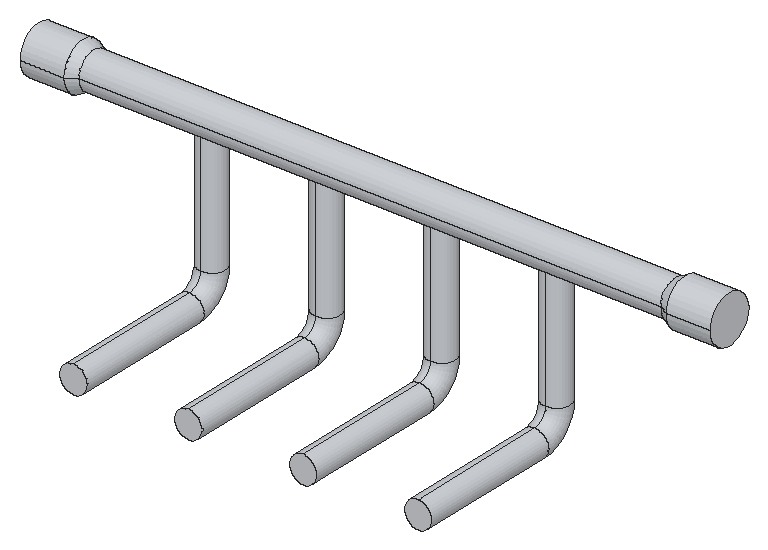
Revit family
Parameters
  Radius_Outlet = Diameter_Outlet * 0.5  # 4.75 mm
  Radius_InletOD = 8.232 mm
  Radius_Inlet = Diameter_Inlet * 0.5  # 6.35 mm
  Length_W = 60 mm
  Length_L = 240 mm
  Length_H = 55.6 mm
  Distance_D2 = 39.967 mm
  Distance_D1 = 60 mm
  Diameter_Outlet = 9.5 mm
  Diameter_Inlet = 12.7 mm
Reference planes
  plane 1 "Center (Front/Back)": y = 0
  plane 2: z = 0
  plane 3 "Center (Left/Right)": x = 0
  plane 4: x = -120
  plane 5: x = 120
  plane 6: y = -60
  plane 7: z = -55.6
  plane 8 "가지관1": x = -60
  plane 9 "가지관2": x = -20.033
  plane 10 "가지관3": x = 19.933
  plane 11 "가지관4": x = 59.9
  plane 12: x = 104.73
  plane 13: x = 101.125
  plane 14: x = -104.73
  plane 15: x = -101.125
Forms (mm)
  Sweep 1, solid
    path origin (0, 0, 0) x (1, 0, 0) y (0, 1, 0)
      loop
        line (-120, 0) -> (120, 0)
    profile "Profile_Circle : Profile_Circle_Inlet" origin (0, 0, 0) x (0, 1, 0) y (0, 0, 1)
      loop
        circle (0, 0) r 6.35
  Sweep 2, solid
    path origin (-60, 0, 0) x (0, 1, 0) y (0, 0, 1)
      loop
        line (0, 0) -> (0, -46.1)
        arc (0, -46.1) -> (-2.782, -52.818) -> (-9.5, -55.6) r 9.5
        line (-9.5, -55.6) -> (-60, -55.6)
    profile "Profile_Circle : Profile_Circle_Outlet" origin (-60, 0, -23.05) x (0, 1, 0) y (1, 0, 0)
      loop
        circle (0, 0) r 4.75
  Sweep 3, solid
    path origin (-20.033, 0, 0) x (0, 1, 0) y (0, 0, 1)
      loop
        line (0, 0) -> (0, -46.1)
        arc (0, -46.1) -> (-2.782, -52.818) -> (-9.5, -55.6) r 9.5
        line (-9.5, -55.6) -> (-60, -55.6)
    profile "Profile_Circle : Profile_Circle_Outlet" origin (-20.033, 0, -23.05) x (0, 1, 0) y (1, 0, 0)
      loop
        circle (0, 0) r 4.75
  Sweep 4, solid
    path origin (19.933, 0, 0) x (0, 1, 0) y (0, 0, 1)
      loop
        line (0, 0) -> (0, -46.1)
        arc (0, -46.1) -> (-2.782, -52.818) -> (-9.5, -55.6) r 9.5
        line (-9.5, -55.6) -> (-60, -55.6)
    profile "Profile_Circle : Profile_Circle_Outlet" origin (19.933, 0, -23.05) x (0, 1, 0) y (1, 0, 0)
      loop
        circle (0, 0) r 4.75
  Sweep 5, solid
    path origin (59.9, 0, 0) x (0, 1, 0) y (0, 0, 1)
      loop
        line (0, 0) -> (0, -46.1)
        arc (0, -46.1) -> (-2.782, -52.818) -> (-9.5, -55.6) r 9.5
        line (-9.5, -55.6) -> (-60, -55.6)
    profile "Profile_Circle : Profile_Circle_Outlet" origin (59.9, 0, -23.05) x (0, 1, 0) y (1, 0, 0)
      loop
        circle (0, 0) r 4.75
  Revolve 6, solid
    sketch origin (0, 0, 0) x (1, 0, 0) y (0, 1, 0)
      loop
        line (120, 0) -> (120, 8.232) -> (104.73, 8.232) -> (101.125, 6.35) -> (101.125, 0) -> (120, 0)
      axis (101.125, 0) -> (120, 0)
    angle from 0 to 360
  Revolve 7, solid
    sketch origin (0, 0, 0) x (-1, 0, 0) y (0, 1, 0)
      loop
        line (120, 0) -> (120, 8.232) -> (104.73, 8.232) -> (101.125, 6.35) -> (101.125, 0) -> (120, 0)
      axis (101.125, 0) -> (120, 0)
    angle from 0 to 360
Cuts and joins
  joined: Sweep 1, Revolve 6, Revolve 7
Dimensions and locks
  equal spacing: plane 4, plane 3 "Center (Left/Right)", plane 5
  "Length_W": plane 6 to plane 1 "Center (Front/Back)"
  "Length_L": plane 4 to plane 5
  "Length_H": plane 7 to plane 2
  "Length_H": level to plane 7
  equal spacing: plane 8 "가지관1", plane 9 "가지관2", plane 10 "가지관3", plane 11 "가지관4"
  "Distance_D2": plane 8 "가지관1" to plane 9 "가지관2"
  "Distance_D1": plane 4 to plane 8 "가지관1"
  "Radius_InletOD": plane 1 "Center (Front/Back)" to Revolve 6 sketch curve
  "Radius_Inlet": plane 1 "Center (Front/Back)" to Revolve 6 sketch curve
  "Diameter_Outlet": radius of Sweep 2 sketch curve
  "Diameter_Outlet": radius of Sweep 3 sketch curve
  "Diameter_Outlet": radius of Sweep 4 sketch curve
  "Diameter_Outlet": radius of Sweep 5 sketch curve
  aligned and locked: Sweep 4 sketch curve to plane 7
  aligned and locked: Sweep 4 sketch curve to plane 1 "Center (Front/Back)"
  aligned and locked: plane 1 "Center (Front/Back)" to Revolve 6 sketch curve
  aligned and locked: plane 12 to Revolve 6 sketch curve
  aligned and locked: Revolve 6 sketch curve to plane 13
  aligned and locked: plane 5 to Revolve 6 sketch curve
  aligned and locked: Revolve 7 sketch curve to plane 14
  aligned and locked: plane 15 to Revolve 7 sketch curve
Automatic sketch dimensions
  plane 1 "Center (Front/Back)" to Sweep 1 sketch curve = 0 mm
  Sweep 1 sketch curve to plane 4 = 0 mm
  Sweep 1 sketch curve to plane 5 = 0 mm
  Sweep 2 sketch curve to plane 6 = 0 mm
  Sweep 2 sketch curve to plane 7 = 0 mm
  Sweep 2 sketch curve to plane 1 "Center (Front/Back)" = 0 mm
  Sweep 2 sketch curve to level = 0 mm
  Sweep 3 sketch curve to plane 6 = 0 mm
  Sweep 3 sketch curve to plane 7 = 0 mm
  Sweep 3 sketch curve to plane 1 "Center (Front/Back)" = 0 mm
  Sweep 3 sketch curve to level = 0 mm
  Sweep 4 sketch curve to plane 6 = 0 mm
  Sweep 4 sketch curve to level = 0 mm
  Sweep 5 sketch curve to plane 6 = 0 mm
  Sweep 5 sketch curve to plane 7 = 0 mm
  Sweep 5 sketch curve to plane 1 "Center (Front/Back)" = 0 mm
  Sweep 5 sketch curve to level = 0 mm
  Revolve 6 sketch curve to plane 11 "가지관4" = 0 mm
  Revolve 6 sketch curve to plane 5 = 0 mm
  plane 1 "Center (Front/Back)" to Revolve 6 sketch curve = 0 mm
  plane 1 "Center (Front/Back)" to Revolve 7 sketch curve = 0 mm  (x2)
  Revolve 7 sketch curve to plane 4 = 0 mm  (x2)
  Revolve 7 sketch curve to plane 8 "가지관1" = 0.1 mm
  plane 1 "Center (Front/Back)" to Revolve 7 sketch curve = 6.35 mm
  plane 1 "Center (Front/Back)" to Revolve 7 sketch curve = 8.232 mm
